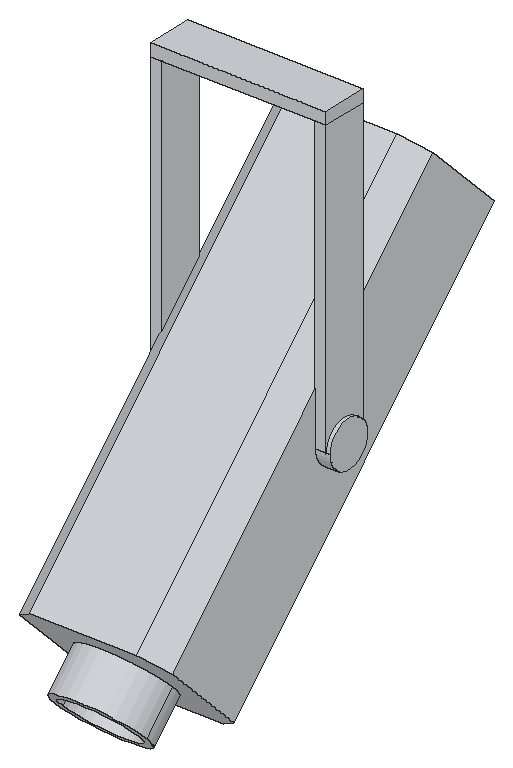
Revit family "camera", category 電氣設備, Revit 2016
Family settings
  面板規劃 = 兩欄，回路穿越
  組件類型 = 配電盤
  圓形接點標註 = 使用直徑
  OmniClass 編號 = 23.80.30.11.17
  OmniClass 標題 = Distribution Boards and Control Panels
  以工作平面為基礎 = 否
  總是垂直 = 是
  載入時使用空心挖方 = 否
  共用 = 否
  房間計算點 = 否
Parameters
  zero_constrain = 200 mm
  tilt [instance] = 45.00°
  sensor_width [instance] = 4.8
  sensor_height [instance] = 3.6
  pixel_width [instance] = 640
  pixel_height [instance] = 480
  focal_length [instance] = 8
  camera_name [instance] = ""
Reference planes
  plane 1 "中心 (前/後)": y = 0
  plane 2: z = 0
  plane 3 "中心 (左/右)": x = 0
  plane 4: x = 50
  plane 5: x = -50
  plane 6: y = -150
  plane 7: y = 150
  plane 8: z = 50
  plane 9: z = -50
  plane 10: y = 180
  plane 11: z = -200
Forms (mm)
  Extrusion 1, solid
    sketch origin (0, 0, -200) x (1, 0, 0) y (0, -0.707107, 0.707107)
      loop
        line (35, -50) -> (50, -35) -> (50, 35) -> (35, 50) -> (-35, 50) -> (-50, 35) -> (-50, -35) -> (-35, -50) -> (35, -50)
    from -150 to 150
  Extrusion 2, solid
    sketch origin (0, 0, -200) x (1, 0, 0) y (0, -0.707107, 0.707107)
      loop
        circle (0, 0) r 30
    from 150 to 180
  Extrusion 3, void
    sketch origin (0, 0, -200) x (-1, 0, 0) y (0, -0.707107, 0.707107)
      loop
        circle (0, 0) r 25
    from -203.003 to 0
  Extrusion 4, solid, not visible
    sketch origin (0, 0, 0) x (1, 0, 0) y (0, 0, 1)
      loop
        line (35, -50) -> (50, -35) -> (50, 35) -> (35, 50) -> (-35, 50) -> (-50, 35) -> (-50, -35) -> (-35, -50) -> (35, -50)
    from -150 to 150
  Extrusion 5, solid, not visible
    sketch origin (0, 0, 0) x (1, 0, 0) y (0, 0, 1)
      loop
        circle (0, 0) r 30
    from 150 to 184.729
  Extrusion 6, void, not visible
    sketch origin (0, 0, 0) x (1, 0, 0) y (0, 0, 1)
      loop
        circle (0, 0) r 25
    from 120.514 to 198.584
  Extrusion 7, solid
    sketch origin (50, 1296.25, 1200) x (0, 1, 0) y (0, 0, 1)
      loop
        circle (-1296.25, -1400) r 15
    from 0 to 10
  Extrusion 8, solid
    sketch origin (-50, 1296.25, 1200) x (0, 1, 0) y (0, 0, 1)
      loop
        circle (-1296.25, -1400) r 15
    from 0 to -10
  Extrusion 9, solid
    sketch origin (50, 1296.25, 1200) x (0, 1, 0) y (0, 0, 1)
      loop
        line (-1311.25, -1400) -> (-1281.25, -1400) -> (-1281.25, -1208) -> (-1311.25, -1208) -> (-1311.25, -1400)
    from 0 to 7
  Extrusion 10, solid
    sketch origin (-50, 1296.25, 1200) x (0, 1, 0) y (0, 0, 1)
      loop
        line (-1311.25, -1400) -> (-1281.25, -1400) -> (-1281.25, -1208) -> (-1311.25, -1208) -> (-1311.25, -1400)
    from 0 to -7
  Extrusion 11, solid
    sketch origin (0, 0, 0) x (1, 0, 0) y (0, 1, 0)
      loop
        line (-57, 15) -> (-57, -15) -> (57, -15) -> (57, 15) -> (-57, 15)
    from 0 to -8
Cuts and joins
  Extrusion 3 cuts Extrusion 1
  Extrusion 3 cuts Extrusion 2
Lines and regions (mm)
  reference lines
    curve 1: line (0, 0, -200) -> (0, 127.279, -72.721)
Dimensions and locks
  "zero_constrain": level to curve 1
  curve 1 to plane 1 "中心 (前/後)" = 0 mm
  "tilt": angle curve 1 to level
  aligned and locked: level to plane 2
Automatic sketch dimensions
  Extrusion 4 sketch curve to Extrusion 4 sketch curve = 15 mm  (x6)
  Extrusion 4 sketch curve to Extrusion 4 sketch curve = 70 mm  (x4)
  Extrusion 1 sketch curve to plane 5 = 0 mm
  Extrusion 1 sketch curve to plane 4 = 0 mm
  plane 5 to Extrusion 1 sketch curve = 15 mm  (x2)
  Extrusion 1 sketch curve to plane 4 = 15 mm  (x2)
  Extrusion 1 sketch curve to Extrusion 1 sketch curve = 15 mm  (x3)
  Extrusion 1 sketch curve to Extrusion 1 sketch curve = 70 mm  (x2)
  Extrusion 3 sketch curve to plane 3 "中心 (左/右)" = 0 mm
  Extrusion 2 sketch curve to plane 3 "中心 (左/右)" = 0 mm
  Extrusion 7 sketch curve to plane 1 "中心 (前/後)" = 0 mm
  Extrusion 7 sketch curve to plane 9 = 150 mm
  Extrusion 8 sketch curve to plane 1 "中心 (前/後)" = 0 mm
  Extrusion 8 sketch curve to plane 9 = 150 mm
  Extrusion 9 sketch curve to level = 8 mm
  plane 1 "中心 (前/後)" to Extrusion 9 sketch curve = 15 mm
  Extrusion 9 sketch curve to plane 1 "中心 (前/後)" = 15 mm
  Extrusion 9 sketch curve to plane 9 = 150 mm
  Extrusion 10 sketch curve to level = 8 mm
  plane 1 "中心 (前/後)" to Extrusion 10 sketch curve = 15 mm
  Extrusion 10 sketch curve to plane 1 "中心 (前/後)" = 15 mm
  Extrusion 10 sketch curve to plane 9 = 150 mm
  Extrusion 11 sketch curve to plane 5 = 7 mm
  plane 4 to Extrusion 11 sketch curve = 7 mm
  plane 1 "中心 (前/後)" to Extrusion 11 sketch curve = 15 mm
  Extrusion 11 sketch curve to plane 1 "中心 (前/後)" = 15 mm
  radius of Extrusion 5 sketch curve = 30 mm
  radius of Extrusion 6 sketch curve = 25 mm
  radius of Extrusion 3 sketch curve = 25 mm
  radius of Extrusion 2 sketch curve = 30 mm
  radius of Extrusion 7 sketch curve = 15 mm
  radius of Extrusion 8 sketch curve = 15 mm
